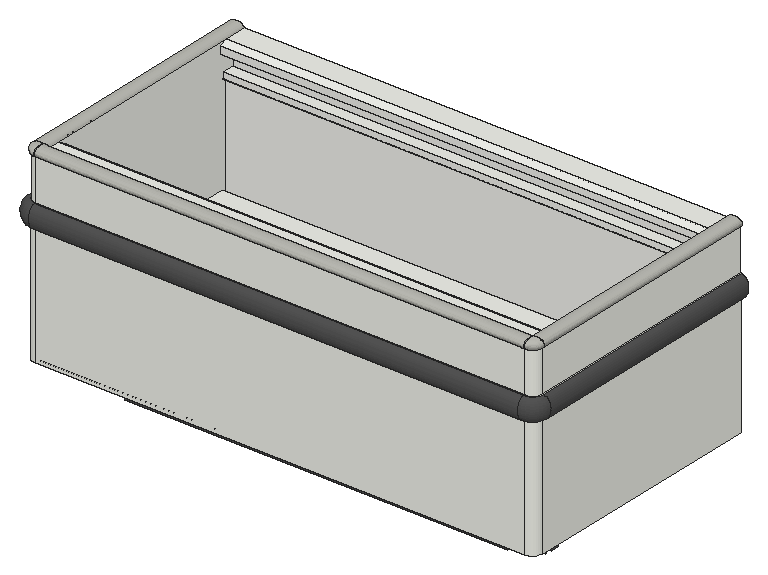
Revit family "FWE_2014", category Specialty Equipment, Revit 2014
Parameters
  Width = 80 5/8"  # constant formula
  Waste Drain = 1 1/4"  # constant formula
  URL = "www.hussmann.com"
  Type Comments = "Excel"  # constant formula
  Trim = Plastic - 144 Mist Gray
  Total Weight = Case Weight + (2 * End Weight)  # 500.00 lbf
  Splashguard = Textured Sheet Metal (Steel Painted) - 701 Black
  Revit Family Date = "02/19/2016"  # constant formula
  Refrigeration Lines Suction = 5/8"  # constant formula
  Refrigeration Lines Liquid = 3/8"  # constant formula
  Refrig. Suction = "Suction"
  Refrig. Liquid = "Liquid"
  Number of Supports = 2  # constant formula
  Note from Manufacturer = "This model only comes in this length."  # constant formula
  Model URL = "http://www.hussmann.com/en/product%20viewer/display-cases/FW,%20FWG"
  Model = "FWE"  # constant formula
  Manufacturer Disclaimer = "The information in this file is not intended to be an exact representation of the corresponding Hussmann product.  Further, we reserve the right to change or revise specifications and product design in connection with any feature of our products. Such changes do not entitle the buyer to corresponding changes, improvements, additions, or replacements for equipment previously sold or shipped."  # constant formula
  Manufacturer = "Hussmann Corporation"  # constant formula
  Height = 35 7/8"  # constant formula
  Ends = Textured Sheet Metal (Steel Painted) - 149 White Satin Matte
  End Weight = 0.00 lbf  # constant formula
  Description = "Wide Island Merchandiser for Frozen Food / Ice Cream End Case"  # constant formula
  Depth = 42"  # constant formula
  Cutsheet URL = "http://www.hussmann.com/en/Technical%20Documents/0465902_G_FWE_EN.pdf"
  Case Weight = 500.00 lbf  # constant formula
  Case Interior = Sheet Metal (Steel Painted) - 700 Interior White
  Case = Textured Sheet Metal (Steel Painted) - 149 White Satin Matte
  Bumper = Extruded PVC - 701 Black
  Assembly Code = ""
  Accessories/Options = ""
Reference planes (in)
  plane 1 "Bottom": z = 0
  plane 2 "Top": z = 35.875
  plane 3 "Left": x = -77.30699
  plane 4 "Center (Left/Right)": x = -38.99449
  plane 5: x = -79.30699
  plane 6 "Right": x = -0.68199
  plane 7: x = 1.31801
  plane 8: y = -8.5
  plane 9 "Back": y = -1.3099
  plane 10 "Front": y = -43.3099
  plane 11: y = -34.3073
Forms (in)
  Extrusion 1, solid, material "Metal - Copper"
    sketch origin (63.0625, 1.04319, 0) x (1, 0, 0) y (0, 1, 0)
      loop
        arc (-79.36949, -33.35309) -> (-79.81143, -33.53615) -> (-79.99449, -33.97809) r 0.625
        arc (-79.99449, -33.97809) -> (-79.81143, -34.42003) -> (-79.36949, -34.60309) r 0.625
        arc (-79.36949, -34.60309) -> (-78.92754, -34.42003) -> (-78.74449, -33.97809) r 0.625
        arc (-78.74449, -33.97809) -> (-78.92754, -33.53615) -> (-79.36949, -33.35309) r 0.625
      loop
        circle (-79.36949, -33.97809) r 0.5852
    from 5.625 to 0
  Extrusion 2, solid, material "Metal - Copper"
    sketch origin (57.40105, 5, -0.375) x (1, 0, 0) y (0, 1, 0)
      loop
        circle (-76.89554, -32.5599) r 0.28859
      loop
        circle (-76.89554, -32.5599) r 0.3125
    from 6 to 0.375
  Extrusion 3, solid, material "Metal - Copper"
    sketch origin (59.82608, 5, -0.375) x (1, 0, 0) y (0, 1, 0)
      loop
        circle (-78.82057, -32.5599) r 0.17188
      loop
        circle (-78.82057, -32.5599) r 0.1875
    from 6 to 0.375
  Extrusion 4, solid, material "Metal - Copper"
    sketch origin (-56.6875, 1.04319, 0) x (1, 0, 0) y (0, 1, 0)
      loop
        arc (-5.11949, -33.35309) -> (-5.56143, -33.53615) -> (-5.74449, -33.97809) r 0.625
        arc (-5.74449, -33.97809) -> (-5.56143, -34.42003) -> (-5.11949, -34.60309) r 0.625
        arc (-5.11949, -34.60309) -> (-4.67754, -34.42003) -> (-4.49449, -33.97809) r 0.625
        arc (-4.49449, -33.97809) -> (-4.67754, -33.53615) -> (-5.11949, -33.35309) r 0.625
      loop
        circle (-5.11949, -33.97809) r 0.5852
    from 5.625 to 0
  Extrusion 5, solid, material "Textured Sheet Metal (Steel Painted) - 149 White Satin Matte" <- "Ends"
    sketch origin (-38.99449, 0, 0) x (0, 1, 0) y (0, 0, 1)
      loop
        line (-38.17309, 35.375) -> (-41.88987, 35.375) -> (-41.88987, 28.17602) -> (-41.98401, 28.17602) -> (-41.98401, 5.625) -> (-41.05507, 5.625) -> (-41.329, 5.78323)
        arc (-41.329, 5.78323) -> (-41.4434, 5.92784) -> (-41.42754, 6.11155) r 0.25
        line (-41.42754, 6.11155) -> (-40.27315, 8.41942) -> (-34.97547, 5.625) -> (-1.3099, 5.625) -> (-1.3099, 35.375) -> (-4.92781, 35.375) -> (-6.04685, 34.82458) -> (-6.04685, 33.81393) -> (-3.46306, 33.81393) -> (-3.46306, 30.85695) -> (-5.41018, 30.85695) -> (-5.41018, 29.93903) -> (-4.95946, 29.56537) -> (-4.95946, 13.73803) -> (-31.75578, 13.73803) -> (-31.75578, 10.50981) -> (-35.71191, 10.50981) -> (-35.71191, 13.73803) -> (-38.33446, 13.73803) -> (-38.33446, 29.57987) -> (-37.78465, 30.0133) -> (-37.78465, 30.63934) -> (-39.81129, 30.63934) -> (-39.81129, 34.01917) -> (-37.01049, 34.01917) -> (-37.01049, 34.75871) -> (-38.17309, 35.375)
    from 38.3125 to -38.3125
  Sweep 6, solid, material "Extruded PVC - 701 Black" <- "Bumper"
    path origin (0, 0, 0) x (1, 0, 0) y (0, 1, 0)
      loop
        line (1.31801, -1.3099) -> (1.31801, -40.4401)
        arc (1.31801, -40.4401) -> (0.84206, -41.58914) -> (-0.30699, -42.0651) r 1.625
        line (-0.30699, -42.0651) -> (-77.68199, -42.0651)
        arc (-77.68199, -42.0651) -> (-78.83103, -41.58914) -> (-79.30699, -40.4401) r 1.625
        line (-79.30699, -40.4401) -> (-79.30699, -1.3099)
    profile origin (-38.99449, -42.0651, 0) x (0, -1, 0) y (0, 0, 1)
      loop
        spline (-0.08109, 24.82398) -> (0.24887, 24.82205) -> (0.56577, 24.95674) -> (0.8438, 25.21709) -> (1.06033, 25.5819) -> (1.19773, 26.02147) -> (1.24481, 26.5) -> (1.19773, 26.97853) -> (1.06033, 27.4181) -> (0.8438, 27.78291) -> (0.56577, 28.04326) -> (0.24887, 28.17795) -> (-0.08109, 28.17602)
        line (-0.08109, 28.17602) -> (-0.08109, 24.82398)
  Extrusion 7, solid, material "Sheet Metal (Steel Painted) - 700 Interior White" <- "Case Interior"
    sketch origin (-38.99449, 0, 0) x (0, 1, 0) y (0, 0, 1)
      loop
        line (-37.75726, 14.32987) -> (-37.75726, 13.73803) -> (-5.56863, 13.73803) -> (-5.56863, 14.32987) -> (-37.75726, 14.32987)
    from 38.3125 to -38.3125
  Extrusion 8, solid, material "Textured Sheet Metal (Steel Painted) - 701 Black" <- "Splashguard"
    sketch origin (-38.99449, 0, 0) x (0, 1, 0) y (0, 0, 1)
      loop
        line (-41.329, 5.78323) -> (-37.32233, 3.46882) -> (-36.9772, 4.00355) -> (-36.09713, 3.45157) -> (-34.97547, 3.45157) -> (-34.97547, 5.625) -> (-40.27315, 8.41942) -> (-41.42754, 6.11155)
        arc (-41.42754, 6.11155) -> (-41.4434, 5.92784) -> (-41.329, 5.78323) r 0.25
    from 38.3125 to -38.3125
  Sweep 9, solid, material "Textured Sheet Metal (Steel Painted) - 701 Black" <- "Splashguard"
    path origin (0, 0, 0) x (1, 0, 0) y (0, 1, 0)
      loop
        line (-9.18199, -1.3099) -> (-9.18199, -34.3073) -> (-68.80699, -34.3073) -> (-68.80699, -1.3073)
    profile origin (-38.99449, -34.3073, 0) x (0, -1, 0) y (0, 0, 1)
      loop
        line (0, 5.625) -> (0, 0.125) -> (0.5026, 0.125) -> (0.5026, 3.37951) -> (0.27001, 3.70339) -> (0.27001, 5.625) -> (0, 5.625)
  Extrusion 10, solid, material "Textured Sheet Metal (Steel Painted) - 149 White Satin Matte" <- "Ends"
    sketch origin (0, 0, 0) x (1, 0, 0) y (0, 1, 0)
      loop
        line (-0.68199, -1.3099) -> (-0.68199, -41.98401) -> (-0.30699, -41.98401)
        arc (-0.30699, -41.98401) -> (0.84206, -41.50806) -> (1.31801, -40.35901) r 1.625
        line (1.31801, -40.35901) -> (1.31801, -1.3099) -> (-0.68199, -1.3099)
      loop
        line (-77.30699, -1.3099) -> (-79.30699, -1.3099) -> (-79.30699, -40.35901)
        arc (-79.30699, -40.35901) -> (-78.83103, -41.50806) -> (-77.68199, -41.98401) r 1.625
        line (-77.68199, -41.98401) -> (-77.30699, -41.98401) -> (-77.30699, -1.3099)
    from 28.17602 to 5.625
  Sweep 11, solid, material "Plastic - 144 Mist Gray" <- "Trim"
    path origin (0, -43.375, 0) x (1, 0, 0) y (0, -1, 0)
      loop
        line (-0.22542, -1.3099) -> (-77.76357, -1.3099)
    profile origin (-38.9945, -42.0651, 0) x (0, -1, 0) y (0, 0, 1)
      loop
        spline (-0.17523, 34.75722) -> (0.02761, 34.94623) -> (0.12969, 35.16587) -> (0.12115, 35.3949) -> (0.00282, 35.61118) -> (-0.21387, 35.79383) -> (-0.50797, 35.92518) -> (-0.85106, 35.99254) -> (-1.20999, 35.98941) -> (-1.55007, 35.91608) -> (-1.83842, 35.77964) -> (-2.0472, 35.59327) -> (-2.1562, 35.375)
        line (-2.1562, 35.375) -> (-0.17523, 35.375) -> (-0.17523, 34.75722)
  Revolve 12, solid, material "Plastic - 144 Mist Gray" <- "Trim"
    sketch origin (-0.22542, -42.06519, 0) x (0, 1, 0) y (0, 0, 1)
      loop
        spline (1.625, 35.88874) -> (1.37411, 35.96344) -> (1.10258, 35.99787) -> (0.826, 35.99007) -> (0.56029, 35.94048) -> (0.32071, 35.85194) -> (0.12103, 35.72956) -> (-0.02726, 35.58036) -> (-0.11565, 35.41292) -> (-0.13904, 35.23687) -> (-0.09611, 35.06232) -> (0.0107, 34.89932) -> (0.17523, 34.75722)
        line (0.17523, 34.75722) -> (0.17523, 35.375) -> (1.625, 35.375) -> (1.625, 35.88874)
      axis (1.625, 35.88874) -> (1.625, 34.75722)
    angle from 0 to 360
  Extrusion 13, void
    sketch origin (-67.37509, 9.28078, 0) x (1, 0, 0) y (0, 1, 0)
      loop
        line (67.14968, -52.96735) -> (67.14968, -49.72096) -> (70.44311, -49.72096) -> (70.44311, -47.03804) -> (64.36706, -47.03804) -> (64.36706, -52.96735) -> (67.14968, -52.96735)
    from 34.73417 to 36.52737
  Revolve 14, solid, material "Plastic - 144 Mist Gray" <- "Trim", not visible
    sketch origin (58.15755, -50.5651, 0) x (0, 1, 0) y (0, 0, 1)
      loop
        spline (1.625, 35.88874) -> (1.37411, 35.96344) -> (1.10258, 35.99787) -> (0.826, 35.99007) -> (0.56029, 35.94048) -> (0.32071, 35.85194) -> (0.12103, 35.72956) -> (-0.02726, 35.58036) -> (-0.11565, 35.41292) -> (-0.13904, 35.23687) -> (-0.09611, 35.06232) -> (0.0107, 34.89932) -> (0.17523, 34.75722)
        line (0.17523, 34.75722) -> (0.17523, 35.375) -> (1.625, 35.375) -> (1.625, 35.88874)
      axis (1.625, 35.88874) -> (1.625, 34.75722)
    angle from 0 to 360
  Extrusion 15, void, not visible
    sketch origin (-8.99213, 0.78087, 0) x (1, 0, 0) y (0, 1, 0)
      loop
        line (67.14968, -52.96735) -> (67.14968, -49.72096) -> (70.44311, -49.72096) -> (70.44311, -47.03804) -> (64.36706, -47.03804) -> (64.36706, -52.96735) -> (67.14968, -52.96735)
    from 34.73417 to 36.52737
  Revolve 16, solid, material "Plastic - 144 Mist Gray" <- "Trim"
    sketch origin (-77.76357, -42.0651, 0) x (0, 0, 1) y (0, 1, 0)
      loop
        line (35.88874, 1.625) -> (35.375, 1.625) -> (35.375, 0.17523) -> (34.75722, 0.17523)
        spline (34.75722, 0.17523) -> (34.89932, 0.0107) -> (35.06232, -0.09611) -> (35.23687, -0.13904) -> (35.41292, -0.11565) -> (35.58036, -0.02726) -> (35.72956, 0.12103) -> (35.85194, 0.32071) -> (35.94048, 0.56029) -> (35.99007, 0.826) -> (35.99787, 1.10258) -> (35.96344, 1.37411) -> (35.88874, 1.625)
      axis (34.75722, 1.625) -> (35.88874, 1.625)
    angle from 0 to 360
  Extrusion 17, void
    sketch origin (-0.08159, 12.30272, 0) x (1, 0, 0) y (0, 1, 0)
      loop
        line (-77.68199, -54.66934) -> (-75.68199, -54.66934) -> (-75.68199, -50.74281) -> (-79.68199, -50.74281) -> (-79.68199, -52.74281) -> (-77.68199, -52.74281) -> (-77.68199, -54.66934)
    from 34.73417 to 36.05863
  Revolve 18, solid, material "Plastic - 144 Mist Gray" <- "Trim", not visible
    sketch origin (-68.27032, -54.0651, 0) x (0, 0, 1) y (0, 1, 0)
      loop
        line (35.88874, 1.625) -> (35.375, 1.625) -> (35.375, 0.17523) -> (34.75722, 0.17523)
        spline (34.75722, 0.17523) -> (34.89932, 0.0107) -> (35.06232, -0.09611) -> (35.23687, -0.13904) -> (35.41292, -0.11565) -> (35.58036, -0.02726) -> (35.72956, 0.12103) -> (35.85194, 0.32071) -> (35.94048, 0.56029) -> (35.99007, 0.826) -> (35.99787, 1.10258) -> (35.96344, 1.37411) -> (35.88874, 1.625)
      axis (34.75722, 1.625) -> (35.88874, 1.625)
    angle from 0 to 360
  Extrusion 19, void, not visible
    sketch origin (9.41167, 0.30272, 0) x (1, 0, 0) y (0, 1, 0)
      loop
        line (-77.68199, -54.66934) -> (-75.68199, -54.66934) -> (-75.68199, -50.74281) -> (-79.68199, -50.74281) -> (-79.68199, -52.74281) -> (-77.68199, -52.74281) -> (-77.68199, -54.66934)
    from 34.73417 to 36.05863
  Sweep 20, solid, material "Plastic - 144 Mist Gray" <- "Trim"
    path origin (6.70939, -36.74708, 0) x (0, -1, 0) y (1, 0, 0)
      loop
        line (3.69301, -5.3099) -> (-35.43718, -5.3099)
    profile origin (1.39949, -20.875, 0) x (-1, 0, 0) y (0, 0, 1)
      loop
        line (0.17523, 34.75722) -> (0.17523, 35.375) -> (2.1562, 35.375)
        spline (2.1562, 35.375) -> (2.0472, 35.59327) -> (1.83842, 35.77964) -> (1.55007, 35.91608) -> (1.20999, 35.98941) -> (0.85106, 35.99254) -> (0.50797, 35.92518) -> (0.21387, 35.79383) -> (-0.00282, 35.61118) -> (-0.12115, 35.3949) -> (-0.12969, 35.16587) -> (-0.02761, 34.94623) -> (0.17523, 34.75722)
  Sweep 21, solid, material "Plastic - 144 Mist Gray" <- "Trim"
    path origin (-80.69837, -36.74708, 0) x (0, -1, 0) y (-1, 0, 0)
      loop
        line (3.69301, -1.3099) -> (-35.43718, -1.3099)
    profile origin (-79.38846, -20.875, 0) x (-1, 0, 0) y (0, 0, 1)
      loop
        spline (-0.17523, 34.75722) -> (0.02761, 34.94623) -> (0.12969, 35.16587) -> (0.12115, 35.3949) -> (0.00282, 35.61118) -> (-0.21387, 35.79383) -> (-0.50797, 35.92518) -> (-0.85106, 35.99254) -> (-1.20999, 35.98941) -> (-1.55007, 35.91608) -> (-1.83842, 35.77964) -> (-2.0472, 35.59327) -> (-2.1562, 35.375)
        line (-2.1562, 35.375) -> (-0.17523, 35.375) -> (-0.17523, 34.75722)
  Extrusion 22, solid, material "Textured Sheet Metal (Steel Painted) - 149 White Satin Matte" <- "Ends"
    sketch origin (0, 0, 22.52469) x (1, 0, 0) y (0, 1, 0)
      loop
        line (-77.30699, -1.3099) -> (-79.21324, -1.3099) -> (-79.21324, -40.35862)
        arc (-79.21324, -40.35862) -> (-78.76474, -41.44138) -> (-77.68199, -41.88987) r 1.53125
        line (-77.68199, -41.88987) -> (-77.30699, -41.88987) -> (-77.30699, -1.3099)
      loop
        line (-0.68199, -1.3099) -> (-0.68199, -41.88987) -> (-0.30699, -41.88987)
        arc (-0.30699, -41.88987) -> (0.77577, -41.44138) -> (1.22426, -40.35862) r 1.53125
        line (1.22426, -40.35862) -> (1.22426, -1.3099) -> (-0.68199, -1.3099)
    from 12.85031 to 5.625
Cuts and joins
  joined: Extrusion 5, Extrusion 10, Extrusion 22
  Extrusion 13 cuts Revolve 12
  Extrusion 17 cuts Revolve 16
  joined: Sweep 11, Sweep 20, Sweep 21
Lines and regions (in)
  reference lines
    curve 1: line (-64.05699, -42, 0) -> (-64.05699, 0, 0)
    curve 2: line (-61.80699, -42, 0) -> (-61.80699, 0, 0)
    curve 3: line (-16.30699, -42, 0) -> (-16.30699, 0, 0)
    curve 4: line (-13.93199, -42, 0) -> (-13.93199, 0, 0)
    curve 5: line (-19.18199, -42, 0) -> (-19.18199, 0, 0)
    curve 6: line (-77.30699, -32.9349, 0) -> (-0.68199, -32.9349, 0)
    curve 7: line (-0.68199, -27.5599, 0) -> (-77.30699, -27.5599, 0)
    curve 8: line (-68.80699, -42, 0) -> (-68.80699, 0, 0)
    curve 9: line (-9.18199, -42, 0) -> (-9.18199, 0, 0)
    curve 10: line (-0.68199, -11.6849, 0) -> (-77.30699, -11.6849, 0)
Dimensions and locks (in)
  locked: plane 5 to plane 3 "Left" at 2
  "Width": plane 5 to plane 7
  locked: plane 3 "Left" to curve 1 at 13.25
  locked: plane 3 "Left" to curve 2 at 15.5
  locked: curve 4 to plane 6 "Right" at 13.25
  locked: curve 3 to plane 6 "Right" at 15.625
  locked: curve 5 to plane 6 "Right" at 18.5
  "Height": plane 2 "Top" to level
  locked: plane 6 "Right" to plane 7 at 2
  locked: Extrusion 4 sketch curve to Extrusion 4 sketch curve at 0.0398
  locked: Extrusion 1 sketch curve to Extrusion 1 sketch curve at 0.0398
  locked: Extrusion 3 sketch curve to Extrusion 3 sketch curve at 0.01562
  locked: Extrusion 2 sketch curve to Extrusion 2 sketch curve at 0.02391
  Sweep 11 sketch curve to plane 3 "Left" = 0.45659"
  locked: Extrusion 17 sketch curve to Extrusion 17 sketch curve at 2  (x2)
  locked: Extrusion 19 sketch curve to Extrusion 19 sketch curve at 2  (x2)
  plane 9 "Back" to plane 10 "Front" = 42"
  locked: curve 7 to plane 9 "Back" at 26.25
  locked: curve 6 to plane 9 "Back" at 31.625
  locked: plane 3 "Left" to curve 8 at 8.5
  locked: curve 9 to plane 6 "Right" at 8.5
  equal spacing: plane 5, plane 4 "Center (Left/Right)", plane 7
  locked: curve 10 to plane 9 "Back" at 10.375
  "Waste Drain": diameter of Extrusion 4 sketch curve
  "Waste Drain": diameter of Extrusion 1 sketch curve
  "Refrigeration Lines Liquid": diameter of Extrusion 3 sketch curve
  "Refrigeration Lines Suction": diameter of Extrusion 2 sketch curve
  aligned and locked: plane 3 "Left" to curve 6
  aligned and locked: plane 3 "Left" to curve 7
  aligned and locked: plane 6 "Right" to curve 7
  aligned and locked: plane 6 "Right" to curve 6
  aligned and locked: Extrusion 2 to level
  aligned and locked: Extrusion 3 to level
  aligned and locked: curve 7 to Extrusion 3 sketch curve  (x4)
  aligned and locked: curve 7 to Extrusion 2 sketch curve  (x4)
  aligned and locked: curve 6 to Extrusion 1 sketch curve  (x3)
  aligned and locked: curve 6 to Extrusion 4 sketch curve
  aligned and locked: curve 2 to Extrusion 4 sketch curve
  aligned and locked: curve 3 to Extrusion 1 sketch curve
  aligned and locked: curve 5 to Extrusion 3 sketch curve
  aligned and locked: curve 5 to Extrusion 2 sketch curve
  aligned and locked: Extrusion 4 to level
  aligned and locked: Extrusion 2 to Extrusion 1
  aligned and locked: Extrusion 4 to Extrusion 1
  aligned and locked: Extrusion 5 to plane 3 "Left"
  aligned and locked: plane 6 "Right" to Extrusion 5
  aligned and locked: Sweep 6 sketch curve to plane 7
  aligned and locked: Extrusion 7 to plane 3 "Left"
  aligned and locked: plane 6 "Right" to Extrusion 7
  aligned and locked: Extrusion 8 to plane 3 "Left"
  aligned and locked: plane 6 "Right" to Extrusion 8
  aligned and locked: Extrusion 3 to Extrusion 1
  aligned and locked: Extrusion 10 sketch curve to plane 3 "Left"
  aligned and locked: Extrusion 10 sketch curve to plane 6 "Right"
  aligned and locked: Extrusion 10 to Extrusion 5
  aligned and locked: Extrusion 1 to Extrusion 5
  aligned and locked: curve 8 to Sweep 9 sketch curve
  aligned and locked: Sweep 9 sketch curve to curve 9
  aligned and locked: curve 4 to nested 2
  aligned and locked: curve 1 to nested 1
  aligned and locked: nested 1 to curve 10
  aligned and locked: nested 2 to curve 10
Automatic sketch dimensions
  Extrusion 13 sketch curve to Extrusion 13 sketch curve = 3.24639"
  Extrusion 13 sketch curve to Extrusion 13 sketch curve = 3.29343"
  Extrusion 15 sketch curve to Extrusion 15 sketch curve = 3.24639"
  Extrusion 15 sketch curve to Extrusion 15 sketch curve = 3.29343"
  Revolve 16 sketch curve to Revolve 16 sketch curve = 0.61778"
  Revolve 16 sketch curve to Revolve 16 sketch curve = 0.64083"
  Revolve 16 sketch curve to Revolve 16 sketch curve = 0.11193"
  Revolve 16 sketch curve to Revolve 16 sketch curve = 0.51374"
  Revolve 16 sketch curve to Revolve 16 sketch curve = 0.11126"
  Revolve 16 sketch curve to Revolve 16 sketch curve = 0.83969"
  Revolve 16 sketch curve to Revolve 16 sketch curve = 0.61009"  (x2)
  Revolve 18 sketch curve to Revolve 18 sketch curve = 0.61778"
  Revolve 18 sketch curve to Revolve 18 sketch curve = 0.64083"
  Revolve 18 sketch curve to Revolve 18 sketch curve = 0.11193"
  Revolve 18 sketch curve to Revolve 18 sketch curve = 0.51374"
  Revolve 18 sketch curve to Revolve 18 sketch curve = 0.11126"
  Revolve 18 sketch curve to Revolve 18 sketch curve = 0.83969"
  Revolve 18 sketch curve to Revolve 18 sketch curve = 0.61009"  (x2)
  Extrusion 17 sketch curve to Extrusion 17 sketch curve = 2"
  Extrusion 17 sketch curve to Extrusion 17 sketch curve = 1.92652"
  Extrusion 19 sketch curve to Extrusion 19 sketch curve = 2"
  Extrusion 19 sketch curve to Extrusion 19 sketch curve = 1.92652"
  Revolve 12 sketch curve to Revolve 12 sketch curve = 0.61778"
  Revolve 12 sketch curve to Revolve 12 sketch curve = 0.61009"
  Revolve 12 sketch curve to Revolve 12 sketch curve = 0"
  Revolve 12 sketch curve to Revolve 12 sketch curve = 0.5446"
  Revolve 12 sketch curve to Revolve 12 sketch curve = 0.64083"
  Revolve 12 sketch curve to Revolve 12 sketch curve = 0.11193"
  Revolve 12 sketch curve to Revolve 12 sketch curve = 1/2"
  Revolve 12 sketch curve to Revolve 12 sketch curve = 0.01374"
  Revolve 14 sketch curve to Revolve 14 sketch curve = 0.61778"
  Revolve 14 sketch curve to Revolve 14 sketch curve = 0.61009"
  Revolve 14 sketch curve to Revolve 14 sketch curve = 0"
  Revolve 14 sketch curve to Revolve 14 sketch curve = 0.5446"
  Revolve 14 sketch curve to Revolve 14 sketch curve = 0.64083"
  Revolve 14 sketch curve to Revolve 14 sketch curve = 0.11193"
  Revolve 14 sketch curve to Revolve 14 sketch curve = 1/2"
  Revolve 14 sketch curve to Revolve 14 sketch curve = 0.01374"
  Extrusion 13 sketch curve to Extrusion 13 sketch curve = 2.68293"
  Extrusion 13 sketch curve to Extrusion 13 sketch curve = 2.78262"
  Extrusion 15 sketch curve to Extrusion 15 sketch curve = 2.68293"
  Extrusion 15 sketch curve to Extrusion 15 sketch curve = 2.78262"
  plane 7 to Sweep 20 sketch curve = 0.08148"
  plane 9 "Back" to Sweep 20 sketch curve = 0"
  plane 10 "Front" to Sweep 20 sketch curve = 2.86981"
  Sweep 21 sketch curve to plane 5 = 0.08148"
  plane 9 "Back" to Sweep 21 sketch curve = 0"
  Sweep 21 sketch curve to plane 10 "Front" = 2.86981"
  curve 10 to plane 3 "Left" = 0"
  curve 10 to plane 6 "Right" = 0"
  plane 10 "Front" to curve 5 = 1.3099"
  plane 10 "Front" to curve 4 = 1.3099"
  plane 10 "Front" to curve 3 = 1.3099"
  plane 10 "Front" to curve 8 = 1.3099"
  plane 10 "Front" to curve 2 = 1.3099"
  plane 10 "Front" to curve 9 = 1.3099"
  plane 10 "Front" to curve 1 = 1.3099"
  curve 4 to plane 9 "Back" = 1.3099"
  curve 8 to plane 9 "Back" = 1.3099"
  curve 1 to plane 9 "Back" = 1.3099"
  curve 9 to plane 9 "Back" = 1.3099"
  curve 2 to plane 9 "Back" = 1.3099"
  curve 3 to plane 9 "Back" = 1.3099"
  curve 5 to plane 9 "Back" = 1.3099"
  Extrusion 5 sketch curve to plane 9 "Back" = 0"
  plane 9 "Back" to Extrusion 5 sketch curve = 2.15316"
  plane 2 "Top" to Extrusion 5 sketch curve = 1/2"  (x2)
  Extrusion 5 sketch curve to Extrusion 5 sketch curve = 1.46475"
  Extrusion 5 sketch curve to plane 8 = 3.54054"
  Extrusion 5 sketch curve to Extrusion 5 sketch curve = 0.45072"
  plane 2 "Top" to Extrusion 5 sketch curve = 1.05042"
  Extrusion 5 sketch curve to Extrusion 5 sketch curve = 1.11903"
  plane 11 to Extrusion 5 sketch curve = 2.55152"
  Extrusion 5 sketch curve to plane 11 = 0.66817"
  Extrusion 5 sketch curve to plane 11 = 1.40461"
  plane 2 "Top" to Extrusion 5 sketch curve = 1.11629"
  Extrusion 5 sketch curve to plane 11 = 2.70319"
  Extrusion 5 sketch curve to plane 11 = 3.47735"
  Extrusion 5 sketch curve to Extrusion 5 sketch curve = 1.1626"
  Extrusion 5 sketch curve to Extrusion 5 sketch curve = 2.62255"
  Extrusion 5 sketch curve to Extrusion 5 sketch curve = 1.47683"
  plane 10 "Front" to Extrusion 5 sketch curve = 3.03676"
  plane 10 "Front" to Extrusion 5 sketch curve = 2.25484"
  Extrusion 5 sketch curve to Extrusion 5 sketch curve = 0.14888"
  Extrusion 5 sketch curve to Extrusion 5 sketch curve = 0.12505"
  Extrusion 5 sketch curve to Extrusion 5 sketch curve = 0.22359"
  plane 10 "Front" to Extrusion 5 sketch curve = 1.42003"
  Extrusion 5 sketch curve to Extrusion 5 sketch curve = 0.09414"
  plane 2 "Top" to Extrusion 5 sketch curve = 1.85583"
  plane 2 "Top" to Extrusion 5 sketch curve = 2.06107"
  Extrusion 5 sketch curve to Extrusion 5 sketch curve = 2.95699"
  Extrusion 5 sketch curve to Extrusion 5 sketch curve = 3.37984"
  Extrusion 5 sketch curve to Extrusion 5 sketch curve = 0.62604"
  Extrusion 5 sketch curve to Extrusion 5 sketch curve = 0.91791"
  Extrusion 5 sketch curve to Extrusion 5 sketch curve = 0.43343"
  Extrusion 5 sketch curve to Extrusion 5 sketch curve = 0.37366"
  Extrusion 5 sketch curve to Extrusion 5 sketch curve = 2.46332"
  level to Extrusion 5 sketch curve = 13.73803"
  Extrusion 5 sketch curve to Extrusion 5 sketch curve = 0"
  Extrusion 5 sketch curve to Extrusion 5 sketch curve = 3.22822"
  Extrusion 5 sketch curve to Extrusion 5 sketch curve = 2.09039"
  Extrusion 5 sketch curve to Extrusion 5 sketch curve = 2.30787"
  Extrusion 5 sketch curve to Extrusion 5 sketch curve = 0.11184"
  Extrusion 5 sketch curve to Extrusion 5 sketch curve = 4.88481"
  Extrusion 5 sketch curve to Extrusion 5 sketch curve = 0.15823"
  Sweep 6 sketch curve to plane 5 = 0"
  plane 9 "Back" to Sweep 6 sketch curve = 0"  (x2)
  Sweep 6 sketch curve to plane 3 "Left" = 3/8"
  plane 6 "Right" to Sweep 6 sketch curve = 3/8"
  plane 10 "Front" to Sweep 6 sketch curve = 2.86981"
  profile plane to Sweep 6 sketch curve = 0.08109"
  level to Sweep 6 sketch curve = 24.82398"
  Sweep 6 sketch curve to Sweep 6 sketch curve = 3.35204"
  Sweep 6 sketch curve to profile plane = 0.08847"
  Sweep 6 sketch curve to Sweep 6 sketch curve = 0.01831"
  Extrusion 7 sketch curve to plane 11 = 3.44996"
  Extrusion 7 sketch curve to plane 8 = 2.93137"
  level to Extrusion 7 sketch curve = 13.73803"
  Extrusion 7 sketch curve to Extrusion 7 sketch curve = 0.59184"
  plane 10 "Front" to Extrusion 8 sketch curve = 1.88237"
  Extrusion 8 sketch curve to Extrusion 8 sketch curve = 0.09854"
  Extrusion 8 sketch curve to Extrusion 8 sketch curve = 0.22359"
  Extrusion 8 sketch curve to Extrusion 8 sketch curve = 1.15439"
  Extrusion 8 sketch curve to plane 11 = 3.01502"
  Extrusion 8 sketch curve to Extrusion 8 sketch curve = 0.34513"
  Extrusion 8 sketch curve to Extrusion 8 sketch curve = 0.88007"
  Extrusion 8 sketch curve to plane 11 = 0.66817"
  level to Extrusion 8 sketch curve = 3.45157"
  Extrusion 8 sketch curve to Extrusion 8 sketch curve = 0.01725"
  Extrusion 8 sketch curve to Extrusion 8 sketch curve = 0.53473"
  Extrusion 8 sketch curve to Extrusion 8 sketch curve = 2.17343"
  Extrusion 8 sketch curve to Extrusion 8 sketch curve = 2.31442"
  Extrusion 8 sketch curve to Extrusion 8 sketch curve = 0.21648"
  Extrusion 8 sketch curve to Extrusion 8 sketch curve = 2.30787"
  Sweep 9 sketch curve to plane 11 = 0"
  plane 9 "Back" to Sweep 9 sketch curve = 0"
  Sweep 9 sketch curve to plane 9 "Back" = 0.0026"
  Sweep 9 sketch curve to profile plane = 0"
  Sweep 9 sketch curve to profile plane = 0.27001"
  Sweep 9 sketch curve to Sweep 9 sketch curve = 0.2326"
  level to Sweep 9 sketch curve = 1/8"
  Sweep 9 sketch curve to Sweep 9 sketch curve = 3.25451"
  Sweep 9 sketch curve to Sweep 9 sketch curve = 0.32388"
  Sweep 9 sketch curve to Sweep 9 sketch curve = 1.92161"
  Extrusion 10 sketch curve to plane 5 = 0"
  Extrusion 10 sketch curve to plane 7 = 0"
  plane 9 "Back" to Extrusion 10 sketch curve = 0"  (x2)
  Extrusion 10 sketch curve to plane 3 "Left" = 3/8"
  plane 6 "Right" to Extrusion 10 sketch curve = 3/8"
  plane 10 "Front" to Extrusion 10 sketch curve = 2.95089"  (x2)
  Sweep 11 sketch curve to plane 6 "Right" = 0.45657"
  Sweep 11 sketch curve to plane 10 "Front" = 1.24481"
  profile plane to Sweep 11 sketch curve = 2.1562"
  profile plane to Sweep 11 sketch curve = 0.17523"
  level to Sweep 11 sketch curve = 34.75722"
  Sweep 11 sketch curve to Sweep 11 sketch curve = 0.61778"
  Sweep 11 sketch curve to Sweep 11 sketch curve = 0.0134"
  Sweep 11 sketch curve to Sweep 11 sketch curve = 0.83969"
  Sweep 20 sketch curve to profile plane = 0.17523"
  Sweep 20 sketch curve to Sweep 20 sketch curve = 1.98098"
  level to Sweep 20 sketch curve = 34.75722"
  Sweep 20 sketch curve to Sweep 20 sketch curve = 0.61778"
  Sweep 20 sketch curve to Sweep 20 sketch curve = 0.83969"
  Sweep 20 sketch curve to Sweep 20 sketch curve = 0.0134"
  profile plane to Sweep 21 sketch curve = 2.1562"
  profile plane to Sweep 21 sketch curve = 0.17523"
  level to Sweep 21 sketch curve = 34.75722"
  Sweep 21 sketch curve to Sweep 21 sketch curve = 0.61778"
  Sweep 21 sketch curve to Sweep 21 sketch curve = 0.0134"
  Sweep 21 sketch curve to Sweep 21 sketch curve = 0.83969"
  plane 9 "Back" to Extrusion 22 sketch curve = 0"  (x2)
  Extrusion 22 sketch curve to plane 3 "Left" = 0"
  Extrusion 22 sketch curve to plane 6 "Right" = 0"
  Extrusion 22 sketch curve to Extrusion 22 sketch curve = 3/8"
  Extrusion 22 sketch curve to plane 5 = 3/32"
  plane 6 "Right" to Extrusion 22 sketch curve = 3/8"
  Extrusion 22 sketch curve to plane 7 = 3/32"
  plane 10 "Front" to Extrusion 22 sketch curve = 2.95128"  (x2)
  Extrusion 1 sketch curve to Extrusion 1 sketch curve = 0"  (x2)
  Extrusion 2 sketch curve to Extrusion 2 sketch curve = 0"
  Extrusion 3 sketch curve to Extrusion 3 sketch curve = 0"
  Extrusion 4 sketch curve to Extrusion 4 sketch curve = 0"  (x3)
Nested families (in)
  nested 1: "Floor Support" at (-63.4375, -11.6849, 0), type "Floor Support"
  nested 2: "Floor Support" at (-13.3125, -11.6849, 0), type "Floor Support"
Connectors (in)
  piping at (-16.30699, -32.9349, 0), diameter 1.25, driven by "Waste Drain"
    settings: on Extrusion 1, index 8, connector inside diameter 1 1/4", connector length 0", flow factor 0, pipe flow 0 GPM, pressure drop 0.00 psi, fitting loss kfactor 0, connector angle 0.00°, fixture units 0, engagement length 0", angle of deflection 0.00°, flow configuration 0, flow direction 0, fitting loss method 0, system type 16, joint type 0, gender type 0, connector reference index -1, connector utility 0, adjustable connector no, is connector primary yes, connector description "1 1/4\""
  piping at (-19.49449, -27.5599, 0), diameter 0.625, driven by "Refrig. Suction", driven by "Refrigeration Lines Suction"
    settings: on Extrusion 2, index 9, connector inside diameter 7/8", connector length 0", flow factor 0, pipe flow 0 GPM, pressure drop 0.00 psi, fitting loss kfactor 0, connector angle 0.00°, fixture units 0, engagement length 0", angle of deflection 0.00°, flow configuration 0, flow direction 2, fitting loss method 0, system type 22, joint type 0, gender type 0, connector reference index -1, connector utility 0, adjustable connector no, is connector primary no, connector description "Suction"
  piping at (-18.99449, -27.5599, 0), diameter 0.375, driven by "Refrig. Liquid", driven by "Refrigeration Lines Liquid"
    settings: on Extrusion 3, index 10, connector inside diameter 3/8", connector length 0", flow factor 0, pipe flow 0 GPM, pressure drop 0.00 psi, fitting loss kfactor 0, connector angle 0.00°, fixture units 0, engagement length 0", angle of deflection 0.00°, flow configuration 0, flow direction 1, fitting loss method 0, system type 22, joint type 0, gender type 0, connector reference index -1, connector utility 0, adjustable connector no, is connector primary no, connector description "Liquid"
  piping at (-61.80699, -32.9349, 0), diameter 1.25, driven by "Waste Drain"
    settings: on Extrusion 4, index 11, connector inside diameter 1 1/4", connector length 0", flow factor 0, pipe flow 0 GPM, pressure drop 0.00 psi, fitting loss kfactor 0, connector angle 0.00°, fixture units 0, engagement length 0", angle of deflection 0.00°, flow configuration 0, flow direction 0, fitting loss method 0, system type 16, joint type 0, gender type 0, connector reference index -1, connector utility 0, adjustable connector no, is connector primary no, connector description ""
Definition of nested family "Floor Support"
  Parameters (values of type "Floor Support")
    Width = 3 1/4"
    URL = "www.hussmann.com"
    Type Comments = ""
    Revit Family Date = "06/25/2015"
    Model = ""
    Manufacturer = "Hussmann Corporation"
    Height = 5 1/2"
    Floor Support = none
    Description = ""
    Depth = 19 7/8"
    Assembly Code = ""
    Accessories/Options = ""
  Reference planes (in)
    plane 1 "Back": y = 0
    plane 2 "Bottom": z = 0
    plane 3 "Top": z = 5.5
    plane 4 "Left": x = -2.24449
    plane 5 "Right": x = 1.00551
    plane 6 "Front": y = -19.875
    plane 7 "Center (Left/Right)": x = -0.61949
  Forms (in)
    Extrusion 1, solid, material <- "Floor Support"
      sketch origin (-0.61949, 0, 0) x (0, 1, 0) y (0, 0, 1)
        loop
          line (0, 3.27263) -> (0, 3.34363) -> (-0.069, 3.34363) -> (-0.069, 0.071) -> (-1.998, 0.071) -> (-1.998, 1.359) -> (-2.694, 1.359) -> (-2.694, 1.288) -> (-2.069, 1.288) -> (-2.069, 0) -> (0.002, 0) -> (0.002, 3.27263)
      from 1.625 to -1.625
    Extrusion 2, solid, material <- "Floor Support"
      sketch origin (-0.61949, 0, 0) x (0, 1, 0) y (0, 0, 1)
        loop
          line (-0.069, 1.359) -> (-0.069, 5.5) -> (-3.515, 5.5) -> (-3.515, 1.462) -> (-2.641, 1.462) -> (-2.641, 0.916) -> (-2.584, 0.916) -> (-2.584, 1.359) -> (-0.069, 1.359)
      from 1.625 to -1.625
    Extrusion 3, solid, material <- "Floor Support"
      sketch origin (0, -5, 0) x (1, 0, 0) y (0, 1, 0)
        loop
          circle (-0.61949, -13.969) r 0.7875
      from 0.374 to 0
    Extrusion 4, solid, material <- "Floor Support"
      sketch origin (0, 0, 0) x (1, 0, 0) y (0, 1, 0)
        loop
          line (-0.97401, -18.61448) -> (-0.97401, -19.32352) -> (-0.26497, -19.32352) -> (-0.26497, -18.61448) -> (-0.97401, -18.61448)
      from 1.078 to 0.374
    Extrusion 5, solid, material <- "Floor Support"
      sketch origin (-0.61949, 0, 0) x (0, 1, 0) y (0, 0, 1)
        loop
          line (-16.36, 1.462) -> (-16.36, 5.5) -> (-19.875, 5.5) -> (-19.875, 1.359) -> (-17.36, 1.359) -> (-17.36, 0.916) -> (-17.303, 0.916) -> (-17.303, 1.462) -> (-16.36, 1.462)
      from 1.625 to -1.625
    Extrusion 6, solid, material <- "Floor Support"
      sketch origin (0, 0, 0) x (1, 0, 0) y (0, 1, 0)
        loop
          line (1.50551, -15.125) -> (-2.74449, -15.125) -> (-2.74449, -15.625) -> (-2.49449, -15.625)
          arc (-2.49449, -15.625) -> (-2.31771, -15.69822) -> (-2.24449, -15.875) r 0.25
          line (-2.24449, -15.875) -> (-2.24449, -16.36) -> (1.00551, -16.36) -> (1.00551, -15.875)
          arc (1.00551, -15.875) -> (1.07874, -15.69822) -> (1.25551, -15.625) r 0.25
          line (1.25551, -15.625) -> (1.50551, -15.625) -> (1.50551, -15.125)
      from 5.5 to 1.462
    Extrusion 7, solid, material <- "Floor Support"
      sketch origin (0, -20.5, 0) x (1, 0, 0) y (0, 1, 0)
        loop
          line (1.50551, 15.75) -> (1.50551, 16.25) -> (1.25551, 16.25)
          arc (1.25551, 16.25) -> (1.07874, 16.32322) -> (1.00551, 16.5) r 0.25
          line (1.00551, 16.5) -> (1.00551, 16.985) -> (-2.24449, 16.985) -> (-2.24449, 16.5)
          arc (-2.24449, 16.5) -> (-2.31771, 16.32322) -> (-2.49449, 16.25) r 0.25
          line (-2.49449, 16.25) -> (-2.74449, 16.25) -> (-2.74449, 15.75) -> (1.50551, 15.75)
      from 5.5 to 1.462
    Extrusion 8, solid, material <- "Floor Support"
      sketch origin (-0.61949, 0, 0) x (0, 1, 0) y (0, 0, 1)
        loop
          line (-15.125, 2.206) -> (-4.75, 2.206) -> (-4.75, 3.456) -> (-15.125, 3.456) -> (-15.125, 2.206)
      from 1.625 to -1.625
    Extrusion 9, solid, material <- "Floor Support"
      sketch origin (-0.61949, 0, 2.781) x (0, 1, 0) y (0, 0, 1)
        loop
          line (-15.125, 2.719) -> (-15.125, 1.719) -> (-4.75, 1.719) -> (-4.75, 2.719) -> (-15.125, 2.719)
      from 0 to -1.625
    Extrusion 10, solid, material <- "Floor Support"
      sketch origin (-0.61949, 0, 0) x (0, 1, 0) y (0, 0, 1)
        loop
          line (-17.424, 1.078) -> (-17.424, 1.359) -> (-19.875, 1.359) -> (-19.875, 1.078) -> (-17.424, 1.078)
      from 1.31925 to -1.31925
  Dimensions and locks (in)
    equal spacing: plane 4 "Left", plane 7 "Center (Left/Right)", plane 5 "Right"
    "Width": plane 4 "Left" to plane 5 "Right"
    "Depth": plane 6 "Front" to plane 1 "Back"
    "Height": plane 3 "Top" to level
    locked: Extrusion 3 sketch curve to plane 6 "Front" at 0.1185
    aligned and locked: Extrusion 1 to plane 4 "Left"
    aligned and locked: plane 5 "Right" to Extrusion 1
    aligned and locked: Extrusion 2 to plane 4 "Left"
    aligned and locked: plane 5 "Right" to Extrusion 2
    aligned and locked: Extrusion 3 to level
    aligned and locked: Extrusion 5 to plane 4 "Left"
    aligned and locked: Extrusion 5 to plane 3 "Top"
    aligned and locked: Extrusion 6 to plane 3 "Top"
    aligned and locked: plane 3 "Top" to Extrusion 9
    aligned and locked: Extrusion 2 to plane 3 "Top"
    aligned and locked: Extrusion 7 to plane 3 "Top"
  Automatic sketch dimensions
    Extrusion 1 sketch curve to level = 0"
    level to Extrusion 1 sketch curve = 1.288"
    plane 1 "Back" to Extrusion 1 sketch curve = 2.694"
    Extrusion 1 sketch curve to Extrusion 1 sketch curve = 5/8"
    Extrusion 1 sketch curve to Extrusion 1 sketch curve = 0.071"  (x3)
    plane 1 "Back" to Extrusion 1 sketch curve = 0.069"
    Extrusion 1 sketch curve to plane 1 "Back" = 0.002"
    level to Extrusion 1 sketch curve = 0.071"
    plane 1 "Back" to Extrusion 2 sketch curve = 3.515"
    Extrusion 2 sketch curve to Extrusion 2 sketch curve = 0.874"
    Extrusion 2 sketch curve to Extrusion 2 sketch curve = 0.057"
    plane 1 "Back" to Extrusion 2 sketch curve = 0.069"
    level to Extrusion 2 sketch curve = 0.916"
    Extrusion 2 sketch curve to Extrusion 2 sketch curve = 0.443"
    Extrusion 2 sketch curve to Extrusion 2 sketch curve = 0.103"
    Extrusion 2 sketch curve to Extrusion 2 sketch curve = 4.141"
    Extrusion 4 sketch curve to plane 7 "Center (Left/Right)" = 0.35452"
    plane 7 "Center (Left/Right)" to Extrusion 4 sketch curve = 0.35452"
    plane 6 "Front" to Extrusion 4 sketch curve = 0.55148"
    Extrusion 4 sketch curve to Extrusion 4 sketch curve = 0.70904"
    Extrusion 5 sketch curve to plane 6 "Front" = 0"
    level to Extrusion 5 sketch curve = 0.916"
    plane 6 "Front" to Extrusion 5 sketch curve = 2.515"
    Extrusion 5 sketch curve to Extrusion 5 sketch curve = 0.057"
    plane 6 "Front" to Extrusion 5 sketch curve = 3.515"
    Extrusion 5 sketch curve to Extrusion 5 sketch curve = 0.443"
    Extrusion 5 sketch curve to Extrusion 5 sketch curve = 0.103"
    Extrusion 5 sketch curve to Extrusion 5 sketch curve = 4.038"
    Extrusion 6 sketch curve to plane 4 "Left" = 0"
    Extrusion 6 sketch curve to plane 5 "Right" = 0"
    Extrusion 6 sketch curve to Extrusion 6 sketch curve = 1/4"  (x3)
    plane 5 "Right" to Extrusion 6 sketch curve = 1/2"
    plane 6 "Front" to Extrusion 6 sketch curve = 3.515"
    Extrusion 6 sketch curve to Extrusion 6 sketch curve = 0.485"  (x2)
    Extrusion 6 sketch curve to Extrusion 6 sketch curve = 1/2"
    Extrusion 7 sketch curve to plane 4 "Left" = 0"
    Extrusion 7 sketch curve to plane 5 "Right" = 0"
    plane 4 "Left" to Extrusion 7 sketch curve = 1/4"
    Extrusion 7 sketch curve to Extrusion 7 sketch curve = 1/4"  (x2)
    Extrusion 7 sketch curve to plane 5 "Right" = 1/2"
    Extrusion 7 sketch curve to plane 1 "Back" = 3.515"
    Extrusion 7 sketch curve to Extrusion 7 sketch curve = 0.485"  (x2)
    Extrusion 7 sketch curve to Extrusion 7 sketch curve = 1/2"
    plane 6 "Front" to Extrusion 8 sketch curve = 4 3/4"
    plane 1 "Back" to Extrusion 8 sketch curve = 4 3/4"
    level to Extrusion 8 sketch curve = 2.206"
    Extrusion 8 sketch curve to Extrusion 8 sketch curve = 1 1/4"
    Extrusion 10 sketch curve to plane 6 "Front" = 0"
    Extrusion 10 sketch curve to Extrusion 10 sketch curve = 2.451"
    level to Extrusion 10 sketch curve = 1.078"
    Extrusion 10 sketch curve to Extrusion 10 sketch curve = 0.281"
    Extrusion 3 sketch curve to plane 7 "Center (Left/Right)" = 0"
    plane 6 "Front" to Extrusion 3 sketch curve = 0.906"
    Extrusion 1 sketch curve to plane 1 "Back" = 0"
    plane 3 "Top" to Extrusion 1 sketch curve = 2.15637"
    Extrusion 1 sketch curve to Extrusion 1 sketch curve = 0"
    plane 3 "Top" to Extrusion 9 sketch curve = 0"
    plane 3 "Top" to Extrusion 9 sketch curve = 1"
    plane 6 "Front" to Extrusion 9 sketch curve = 4 3/4"
    plane 1 "Back" to Extrusion 9 sketch curve = 4 3/4"
